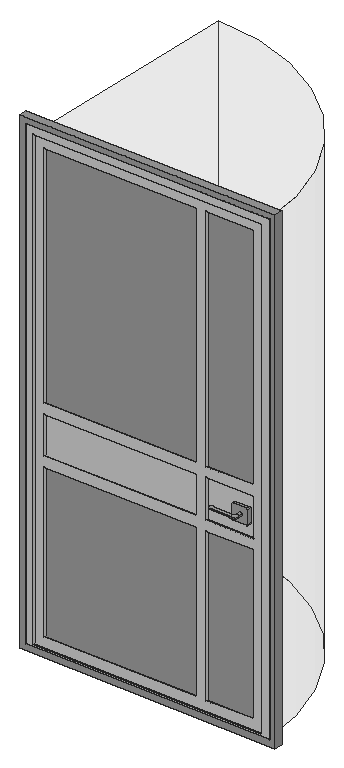
Revit family "AVLN_Дверь_Сетка", category Двери, Revit 2021
Family settings
  Основа = Стена
  Номер OmniClass = 23.30.10.00
  Заголовок OmniClass = Doors
  Всегда вертикально = Да
  При загрузке вырезать с полостями = Нет
  Общий = Нет
  Точка принадлежности помещению = Нет
Parameters (values of type "Для копирования!")
  х1 = if(Левая, (Width - 250 mm - Рама_полотно * 3 - Коробка толщина_Верх * 2 - Монтажный зазор_Верх * 2), 250 mm)  # 250 mm
  Ширина полотна [instance] = Width - Монтажный зазор_Верх * 2 - Коробка толщина_Верх * 2  # 1200 mm
  Тонкая линия проема = yes
  Толщина = 30 mm  # constant formula
  Стекло.Толщина = 15 mm
  Стекло = not([Глухая/Остекленная])  # yes
  Смещение проема [instance] = 0 mm
  Смещение внутрь = 0 mm
  С1 [instance] = if(Смещение проема = 0 mm, 1 mm, 0 mm)  # 1 mm
  Ручка смещение = 110 mm  # constant formula
  Ручка высота = 1000 mm  # constant formula
  Рама_полотно = 50 mm  # constant formula
  Рабочая зона = no
  Rough Width = Width - Монтажный зазор_Верх * 2  # 1280 mm
  Rough Height = Height - Монтажный зазор_Верх  # 2480 mm
  Правая = yes
  Порог_наружный_смещение [instance] = 50 mm
  Порог_внутренний_смещение [instance] = 50 mm
  Порог_внуренний [instance] = no
  Порог [instance] = no
  Определить тепловые свойства по = Тип схем
  Описание = "Индивидуальный дверной блок (лестница) стальной однопольный, с пониженым порогом, с уплотнителем, с доводчиком, с нажимными ручками. Без замка, с ограничителем. Ширина проема в свету не менее 900 мм. Цвет: см. Дизайн-проект."
  Окрывание 30° = yes
  Fire Rating = ""
  Монтажный зазор_Справа = 30 mm
  Монтажный зазор_Слева = 30 mm
  Монтажный зазор_Низ = 30 mm
  Монтажный зазор сверху [instance] = if(Смещение проема = 0 mm, Монтажный зазор_Верх - 1 mm, Монтажный зазор_Верх)  # 29 mm
  Монтажный зазор_Верх = 30 mm
  Матиал_Коробка = Сталь
  Материал_Сетка = Сетка
  Материал_Рабочая зона = none
  Материал_Полотно = Сталь
  Материал_Монтажный зазор = Монтажный зазор
  Материал_Дверной ручки = По умолчанию
  Левая = not(Правая)  # no
  Коробка.Профиль = 1 mm  # constant formula
  Коробка толщина_Низ = 10 mm
  Коробка толщина_Верх = 40 mm  # constant formula
  Комментарии к типоразмеру = "Двери внутренние"
  Заполнение под проемом_Видимость [instance] = if(Смещение проема = 0 mm, 1 = 0, 1 = 1)  # no
  Функция = Внутренние слои
  Группа модели = "Дверь"
  Глухая/Остекленная = no
  Глухая = [Глухая/Остекленная]  # no
  Height = 2510 mm
  Замыкание стены = По основе
  Width = 1340 mm
  Аналитическая конструкция = "<Нет>"
  АВЛН_Проем_Высота [instance] = if(Смещение проема = 0 mm, Height - 1 mm, Height)  # 2509 mm
  ADSK_Размер_Ширина [instance] = Width  # 1340 mm
  ADSK_Размер_Высота [instance] = Height + Смещение проема  # 2510 mm
  ADSK_Примечание [instance] = ""
  ADSK_Позиция [instance] = ""
  ADSK_Обозначение = "ГОСТ 31173-2016"
  ADSK_Наименование = "ДСВ Оп 2090-1100 Прг Л Н П2лс"
  ADSK_Масса = 0
  ADSK_Марка [instance] = "ДВ-21Л"
  ADSK_Количество [instance] = 1
  ADSK_Единица измерения [instance] = "шт."
  2 = Монтажный зазор_Верх * 2 + 100 mm  # 160 mm
Reference planes
  plane 1: y = 0
  plane 2 "По центру (Влево/Вправо)": x = 0
  plane 3 "Слева": x = -670
  plane 4 "Справа": x = 670
  plane 5: z = 2509
  plane 6 "Наружный": y = 150
  plane 7 "Внутренние": y = -150
  plane 8: z = 0
  plane 9: x = -640
  plane 10: x = 640
  plane 11: x = 600
  plane 12: x = -600
  plane 13: z = 2480
  plane 14: z = 2440
  plane 15 "Полотно_Н": y = 150
  plane 16 "Полотно_В": y = 120
  plane 17: z = 0
  plane 18: x = -490
  plane 19: x = 490
  plane 20: z = 1040
  plane 21: z = 1254.5
  plane 22 "Короб_В": y = 110
  plane 23: x = -599
  plane 24: x = 599
  plane 25: z = 2439
  plane 26: y = 1490
  plane 27: x = 550
  plane 28: z = 2390
  plane 29: x = -550
  plane 30: y = 135
  plane 31: y = 142.5
  plane 32: y = 127.5
  plane 33: y = 200
  plane 34: y = -200
  plane 35: z = -1
  plane 36 "Решетка_Смещение_Низ": z = 90
  plane 37 "Решетка_Смещение_Верх": z = 2172.293
  plane 38: y = 1330
  plane 39: x = 300
  plane 40: x = 250
  plane 41 "Короб_Г": z = 40
  plane 42 "Начало": z = 0
  plane 43 "Короб_Е": z = 30
Forms (mm)
  Extrusion 1, solid, material "Сталь" <- "Материал_Полотно", visible <- "Стекло", detail levels fine
    sketch origin (0, 150, 0) x (1, 0, 0) y (0, 0, 1)
      loop
        line (600, 2440) -> (-600, 2440) -> (-600, 40) -> (600, 40) -> (600, 2440)
      loop
        line (550, 2390) -> (300, 2390) -> (300, 1190) -> (550, 1190) -> (550, 2390)
      loop
        line (250, 1190) -> (250, 2390) -> (-550, 2390) -> (-550, 1190) -> (250, 1190)
      loop
        line (250, 890) -> (-550, 890) -> (-550, 90) -> (250, 90) -> (250, 890)
      loop
        line (550, 890) -> (300, 890) -> (300, 90) -> (550, 90) -> (550, 890)
      loop
        line (300, 1140) -> (300, 940) -> (550, 940) -> (550, 1140) -> (300, 1140)
      loop
        line (250, 1140) -> (-550, 1140) -> (-550, 940) -> (250, 940) -> (250, 1140)
    from 0 to 30
  Extrusion 2, solid, material "Сталь" <- "Матиал_Коробка", visible <- "Заполнение под проемом_Видимость", detail levels fine
    sketch origin (0, 150, 0) x (1, 0, 0) y (0, 0, 1)
      loop
        line (670, 0) -> (-670, 0) -> (-670, -1) -> (670, -1) -> (670, 0)
    from 0 to 40
  Extrusion 3, solid, material "Монтажный зазор" <- "Материал_Монтажный зазор"
    sketch origin (0, -150, 0) x (1, 0, 0) y (0, 0, 1)
      loop
        line (-640, 30) -> (640, 30) -> (640, 2480) -> (-640, 2480) -> (-640, 30)
      loop
        line (670, 0) -> (670, 2509) -> (-670, 2509) -> (-670, 0) -> (670, 0)
    from -300 to -260
  Extrusion 4, void
    sketch origin (0, 0, 0) x (1, 0, 0) y (0, 1, 0)
      loop
        line (-670, 1490) -> (-670, 150) -> (670, 150) -> (670, 1490) -> (-670, 1490)
    from 0 to 2509
  Extrusion 5, solid, material "Сетка" <- "Материал_Сетка", visible <- "Стекло", detail levels fine
    sketch origin (0, 150, 0) x (1, 0, 0) y (0, 0, 1)
      loop
        line (550, 2390) -> (300, 2390) -> (300, 1169.5) -> (550, 1169.5) -> (550, 2390)
      loop
        line (-550, 2390) -> (-550, 1169.5) -> (250, 1169.5) -> (250, 2390) -> (-550, 2390)
      loop
        line (550, 90) -> (550, 890) -> (300, 890) -> (300, 90) -> (550, 90)
      loop
        line (250, 90) -> (250, 890) -> (-550, 890) -> (-550, 90) -> (250, 90)
    from 7.5 to 22.5
  Extrusion 6, solid, material "Сталь" <- "Материал_Полотно", visible <- "Глухая"
    sketch origin (0, 150, 0) x (1, 0, 0) y (0, 0, 1)
      loop
        line (600, 2440) -> (-600, 2440) -> (-600, 40) -> (600, 40) -> (600, 2440)
    from 0 to 30
  Extrusion 7, solid, material "Зоны открывания", visible <- "Правая"
    sketch origin (1436.722, 564.195, 0) x (1, 0, 0) y (0, 1, 0)
      loop
        line (-2036.722, -414.195) -> (-836.722, -414.195)
        arc (-836.722, -414.195) -> (-1205.944, 410.495) -> (-2036.722, 765.805) r 1240.234
        line (-2036.722, 765.805) -> (-2036.722, -414.195)
    from 0 to 2440
  Extrusion 8, solid, material "Зоны открывания", visible <- "Левая"
    sketch origin (-1436.722, 564.195, 0) x (-1, 0, 0) y (0, -1, 0)
      loop
        line (-2035.722, 414.195) -> (-2035.722, -765.805)
        arc (-2035.722, -765.805) -> (-1200.025, -415.806) -> (-836.722, 414.195) r 1218.902
        line (-836.722, 414.195) -> (-2035.722, 414.195)
    from 0 to 2440
  Extrusion 9, solid, material "Сталь" <- "Материал_Полотно", visible <- "Стекло", detail levels fine
    sketch origin (0, 150, -250) x (1, 0, 0) y (0, 0, 1)
      loop
        line (550, 1390) -> (300, 1390) -> (300, 1190) -> (550, 1190) -> (550, 1390)
      loop
        line (-550, 1390) -> (-550, 1190) -> (250, 1190) -> (250, 1390) -> (-550, 1390)
    from 7.5 to 22.5
  Extrusion 10, solid, material "Сталь" <- "Матиал_Коробка"
    sketch origin (30, -150, 0) x (1, 0, 0) y (0, 0, 1)
      loop
        line (-630, 40) -> (569, 40) -> (569, 2440) -> (-630, 2440) -> (-630, 40)
      loop
        line (610, 30) -> (610, 2480) -> (-670, 2480) -> (-670, 30) -> (610, 30)
    from -300 to -260
Lines and regions (mm)
  Opening 1
    outline origin (-3050, -150, 0) x (1, 0, 0) y (0, 0, 1)
      loop
        line (2380, -1) -> (3720, -1) -> (3720, 2509) -> (2380, 2509) -> (2380, -1)
  Masking region 1, visible <- "Тонкая линия проема"
    outline origin (95.796, -283.072, 0) x (1, 0, 0) y (0, 1, 0)
      loop
        line (-739.745, 443.072) -> (-765.796, 433.072) -> (-765.796, 133.072) -> (-765.796, 123.072) -> (574.204, 123.072) -> (574.204, 133.072) -> (574.204, 433.072) -> (546.729, 443.072) -> (-739.745, 443.072)
  model lines, style "Открывание_Внутрь", visible <- "Левая"
    curve 1: line (599, 120, 2439) -> (-599, 120, 1254.5)
    curve 2: line (-599, 120, 1254.5) -> (599, 120, 0)
  model lines, style "Открывание_Внутрь", visible <- "Правая"
    curve 3: line (-599, 120, 0) -> (599, 120, 1254.5)
    curve 4: line (599, 120, 1254.5) -> (-599, 120, 2439)
  model lines, style "Открывание_Наружу", visible <- "Правая"
    curve 5: line (-600, 150, 0) -> (599, 150, 1254.5)
    curve 6: line (599, 150, 1254.5) -> (-600, 150, 2440)
  model lines, style "Открывание_Наружу", visible <- "Левая"
    curve 7: line (600, 150, 2440) -> (-599, 150, 1254.5)
    curve 8: line (-599, 150, 1254.5) -> (600, 150, 0)
  model lines, style "Рабочая зона", visible <- "Рабочая зона"
    curve 9: line (-670, 150, 0) -> (-670, 1490, 0)
    curve 10: line (-670, 1490, 0) -> (670, 1490, 0)
    curve 11: line (670, 150, 0) -> (670, 1490, 0)
  symbolic lines, style "Порог", visible <- "Порог_внуренний"
    curve 12: line (-670, -200, 0) -> (670, -200, 0)
  symbolic lines, style "Порог", visible <- "Порог"
    curve 13: line (-670, 200, 0) -> (670, 200, 0)
Text (mm)
  text "Наружный" at (-2295.016, 1099.543, 0), in view "Опорный уровень"
  text "Наружный" at (0, 1615.38, 3698.081), in view "Слева"
  text "Наружный" at (0, 1036.032, 3874.932), in view "Справа"
Dimensions and locks
  equal spacing: plane 3 "Слева", plane 2 "По центру (Влево/Вправо)", plane 4 "Справа"
  "Width": plane 3 "Слева" to plane 4 "Справа"
  host wall to plane 5 = 2973.966 mm
  locked: plane 6 "Наружный" to host wall
  locked: plane 7 "Внутренние" to host wall
  plane 8 to level = 0 mm
  "АВЛН_Проем_Высота": level to plane 5
  "Монтажный зазор_Слева": plane 3 "Слева" to plane 9
  "Монтажный зазор_Справа": plane 10 to plane 4 "Справа"
  "Смещение внутрь": plane 15 "Полотно_Н" to plane 6 "Наружный"
  "Толщина": plane 15 "Полотно_Н" to plane 16 "Полотно_В"
  "Смещение проема": level to plane 17
  "Монтажный зазор сверху": plane 13 to plane 5
  "Коробка толщина_Верх": plane 14 to plane 13
  "Коробка толщина_Верх": plane 12 to plane 9
  "Коробка толщина_Верх": plane 11 to plane 10
  "Смещение проема": level to plane 8
  "Ручка смещение": plane 12 to plane 18
  "Ручка смещение": plane 19 to plane 11
  equal spacing: level, plane 21, plane 5
  equal spacing: plane 7 "Внутренние", plane 1, plane 6 "Наружный"
  "Коробка толщина_Верх": plane 15 "Полотно_Н" to plane 22 "Короб_В"
  "Коробка.Профиль": plane 12 to plane 23
  "Коробка.Профиль": plane 24 to plane 11
  "Коробка.Профиль": plane 14 to plane 25
  "Width": plane 26 to plane 15 "Полотно_Н"
  equal spacing: plane 15 "Полотно_Н", plane 30, plane 16 "Полотно_В"
  equal spacing: plane 32, plane 30, plane 31
  "Стекло.Толщина": plane 32 to plane 31
  "Порог_наружный_смещение": plane 6 "Наружный" to plane 33
  "Порог_внутренний_смещение": plane 34 to plane 7 "Внутренние"
  "С1": plane 8 to plane 35
  "Рама_полотно": plane 36 "Решетка_Смещение_Низ" to plane 41 "Короб_Г"
  "2": plane 26 to plane 38
  level to plane 14 = 2440 mm
  "Рама_полотно": plane 28 to plane 14
  "Рама_полотно": plane 27 to plane 11
  "Рама_полотно": plane 29 to plane 12
  "Рама_полотно": plane 40 to plane 39
  "х1": plane 39 to plane 27
  plane 29 to plane 40 = 800 mm
  plane 12 to plane 11 = 1200 mm
  Extrusion 1 to Extrusion 1 = 1100 mm
  plane 9 to plane 3 "Слева" = 30 mm
  plane 4 "Справа" to plane 10 = 30 mm
  "Коробка толщина_Низ": plane 41 "Короб_Г" to plane 43 "Короб_Е"
  "Монтажный зазор_Низ": plane 43 "Короб_Е" to plane 42 "Начало"
  equal spacing: Extrusion 1 sketch curve, plane 20, Extrusion 1 sketch curve  (x2)
  locked: Extrusion 1 sketch curve to Extrusion 1 sketch curve at 200  (x2)
  "Рама_полотно": Extrusion 1 sketch curve to Extrusion 1 sketch curve  (x4)
  "Ручка высота": plane 20 to plane 41 "Короб_Г"
  aligned and locked: plane 3 "Слева" to Opening 1 sketch curve
  aligned and locked: Opening 1 sketch curve to plane 4 "Справа"
  aligned and locked: plane 1 to host wall
  aligned and locked: Extrusion 1 to plane 16 "Полотно_В"
  aligned and locked: plane 15 "Полотно_Н" to Extrusion 1
  aligned and locked: level to Extrusion 2 sketch curve
  aligned and locked: Extrusion 2 sketch curve to plane 4 "Справа"
  aligned and locked: Extrusion 2 sketch curve to host wall
  aligned and locked: nested 1 to plane 16 "Полотно_В"
  aligned and locked: nested 2 to plane 15 "Полотно_Н"
  aligned and locked: plane 15 "Полотно_Н" to nested 4
  aligned and locked: plane 16 "Полотно_В" to nested 3
  aligned and locked: plane 5 to Opening 1 sketch curve
  aligned and locked: plane 14 to Extrusion 1 sketch curve
  aligned and locked: Extrusion 3 sketch curve to plane 4 "Справа"
  aligned and locked: Extrusion 3 sketch curve to plane 10
  aligned and locked: Extrusion 3 sketch curve to plane 5
  aligned and locked: Extrusion 3 sketch curve to plane 13
  aligned and locked: plane 3 "Слева" to Extrusion 3 sketch curve
  aligned and locked: plane 9 to Extrusion 3 sketch curve
  aligned and locked: nested 2 to plane 20
  aligned and locked: plane 20 to nested 4
  aligned and locked: plane 20 to nested 1
  aligned and locked: nested 3 to plane 20
  aligned and locked: plane 19 to nested 4
  aligned and locked: plane 18 to nested 2
  aligned and locked: nested 3 to plane 19
  aligned and locked: nested 1 to plane 18
  aligned and locked: nested 5 to plane 4 "Справа"
  aligned and locked: nested 5 to plane 3 "Слева"
  aligned and locked: nested 5 to plane 15 "Полотно_Н"
  aligned and locked: nested 6 to plane 3 "Слева"
  aligned and locked: nested 6 to plane 4 "Справа"
  aligned and locked: plane 15 "Полотно_Н" to nested 6
  aligned and locked: Extrusion 3 to plane 22 "Короб_В"
  aligned and locked: plane 15 "Полотно_Н" to Extrusion 3
  aligned and locked: plane 23 to curve 4
  aligned and locked: plane 25 to curve 4
  aligned and locked: plane 25 to curve 1
  aligned and locked: plane 24 to curve 1
  aligned and locked: plane 23 to curve 1
  aligned and locked: plane 21 to curve 2
  aligned and locked: plane 24 to curve 4
  aligned and locked: plane 21 to curve 3
  aligned and locked: level to curve 3
  aligned and locked: level to curve 2
  aligned and locked: curve 9 to plane 3 "Слева"
  aligned and locked: curve 10 to plane 26
  aligned and locked: curve 11 to plane 4 "Справа"
  aligned and locked: plane 15 "Полотно_Н" to curve 9
  aligned and locked: plane 15 "Полотно_Н" to curve 11
  aligned and locked: Extrusion 4 sketch curve to plane 26
  aligned and locked: Extrusion 4 sketch curve to plane 3 "Слева"
  aligned and locked: Extrusion 4 sketch curve to plane 15 "Полотно_Н"
  aligned and locked: Extrusion 4 sketch curve to plane 4 "Справа"
  aligned and locked: Extrusion 4 to plane 5
  aligned and locked: plane 32 to Extrusion 5
  aligned and locked: plane 31 to Extrusion 5
  aligned and locked: plane 11 to Extrusion 6 sketch curve
  aligned and locked: plane 14 to Extrusion 6 sketch curve
  aligned and locked: plane 12 to Extrusion 6 sketch curve
  aligned and locked: plane 15 "Полотно_Н" to Extrusion 6
  aligned and locked: Extrusion 6 to plane 16 "Полотно_В"
  aligned and locked: curve 6 to curve 4
  aligned and locked: curve 8 to curve 2
  aligned and locked: Masking region 1 sketch curve to curve 9
  aligned and locked: Extrusion 1 to Masking region 1 sketch curve
  aligned and locked: plane 6 "Наружный" to Masking region 1 sketch curve
  aligned and locked: host wall to Masking region 1 sketch curve  (x2)
  aligned and locked: plane 3 "Слева" to Masking region 1
  aligned and locked: Masking region 1 to plane 4 "Справа"
  aligned and locked: plane 3 "Слева" to curve 13
  aligned and locked: plane 4 "Справа" to curve 13
  aligned and locked: curve 13 to plane 33
  aligned and locked: curve 12 to plane 34
  aligned and locked: Extrusion 2 to plane 35
  aligned and locked: Extrusion 4 to plane 8
  aligned and locked: Opening 1 sketch curve to plane 35
  aligned and locked: Extrusion 7 sketch curve to plane 12
  aligned and locked: plane 6 "Наружный" to Extrusion 7 sketch curve
  aligned and locked: plane 11 to Extrusion 7 sketch curve
  aligned and locked: plane 38 to Extrusion 7 sketch curve
  aligned and locked: Extrusion 7 to level
  aligned and locked: plane 14 to Extrusion 7
  aligned and locked: Extrusion 8 sketch curve to plane 24
  aligned and locked: Extrusion 2 to Extrusion 8 sketch curve
  aligned and locked: plane 12 to Extrusion 8 sketch curve
  aligned and locked: plane 38 to Extrusion 8 sketch curve
  aligned and locked: Extrusion 8 to Extrusion 7
  aligned and locked: Extrusion 8 to level
  aligned and locked: Extrusion 1 sketch curve to plane 28
  aligned and locked: plane 28 to Extrusion 1 sketch curve
  aligned and locked: Extrusion 1 sketch curve to plane 29  (x2)
  aligned and locked: plane 29 to Extrusion 1 sketch curve
  aligned and locked: Extrusion 1 sketch curve to plane 27  (x2)
  aligned and locked: plane 36 "Решетка_Смещение_Низ" to Extrusion 1 sketch curve  (x2)
  aligned and locked: Extrusion 5 sketch curve to plane 28  (x2)
  aligned and locked: Extrusion 5 sketch curve to plane 36 "Решетка_Смещение_Низ"  (x2)
  aligned and locked: plane 27 to Extrusion 5 sketch curve
  aligned and locked: Extrusion 5 sketch curve to plane 27
  aligned and locked: plane 29 to Extrusion 5 sketch curve  (x2)
  aligned and locked: plane 27 to Extrusion 1 sketch curve
  aligned and locked: Extrusion 1 sketch curve to plane 40  (x3)
  aligned and locked: Extrusion 1 sketch curve to plane 39  (x2)
  aligned and locked: plane 39 to Extrusion 1 sketch curve
  aligned and locked: plane 40 to Extrusion 5 sketch curve
  aligned and locked: Extrusion 5 sketch curve to plane 40
  aligned and locked: plane 27 to Extrusion 9 sketch curve
  aligned and locked: plane 39 to Extrusion 9 sketch curve
  aligned and locked: plane 40 to Extrusion 9 sketch curve
  aligned and locked: plane 29 to Extrusion 9 sketch curve
  aligned and locked: plane 39 to Extrusion 5 sketch curve
  aligned and locked: Extrusion 5 sketch curve to plane 39
  aligned and locked: Extrusion 5 to Extrusion 9
  aligned and locked: plane 31 to Extrusion 9
  aligned and locked: plane 32 to Extrusion 9
  aligned and locked: plane 41 "Короб_Г" to Extrusion 6 sketch curve
  aligned and locked: Extrusion 1 to plane 41 "Короб_Г"
  aligned and locked: Extrusion 10 sketch curve to Extrusion 6
  aligned and locked: plane 10 to Extrusion 10 sketch curve
  aligned and locked: plane 24 to Extrusion 10 sketch curve
  aligned and locked: Extrusion 10 sketch curve to plane 13
  aligned and locked: Extrusion 10 sketch curve to plane 14
  aligned and locked: Extrusion 10 sketch curve to plane 43 "Короб_Е"
  aligned and locked: plane 41 "Короб_Г" to Extrusion 10 sketch curve
Automatic sketch dimensions
  plane 12 to Extrusion 1 sketch curve = 0 mm
  plane 11 to Extrusion 1 sketch curve = 0 mm
  Extrusion 1 sketch curve to plane 41 "Короб_Г" = 0 mm
  Extrusion 2 sketch curve to plane 8 = 1 mm
  curve 12 to plane 3 "Слева" = 0 mm
  curve 12 to plane 4 "Справа" = 0 mm
  plane 11 to curve 7 = 0 mm
  curve 8 to level = 0 mm
  plane 11 to curve 8 = 0 mm
  curve 6 to plane 21 = 0 mm
  curve 7 to plane 21 = 0 mm
  plane 12 to curve 6 = 0 mm
  curve 5 to level = 0 mm
  plane 12 to curve 5 = 0 mm
  curve 7 to plane 14 = 0 mm
  curve 6 to plane 14 = 0 mm
  plane 24 to curve 2 = 0 mm
  curve 3 to plane 23 = 0 mm
  Extrusion 5 sketch curve to plane 20 = 150 mm  (x2)
  Extrusion 5 sketch curve to plane 21 = 85 mm
  Extrusion 5 sketch curve to Extrusion 5 sketch curve = 0 mm
  Masking region 1 sketch curve to plane 4 "Справа" = 0 mm
  Masking region 1 sketch curve to plane 9 = 3.949 mm
  plane 10 to Masking region 1 sketch curve = 2.525 mm
  host wall to Masking region 1 sketch curve = 10 mm  (x2)
  plane 9 to Extrusion 7 sketch curve = 1.2 mm
  plane 22 "Короб_В" to Extrusion 8 sketch curve = 1.25 mm
  Extrusion 9 sketch curve to plane 20 = 100 mm
  Extrusion 9 sketch curve to Extrusion 9 sketch curve = 0 mm
  plane 20 to Extrusion 9 sketch curve = 100 mm  (x2)
  Extrusion 10 sketch curve to plane 9 = 0 mm
  Extrusion 3 sketch curve to plane 43 "Короб_Е" = 0 mm
  Extrusion 3 sketch curve to level = 0 mm
Nested families
  nested 1: "Дв_Дверная ручка_Квадрат" at (-490, 120, 0), visible <- "Левая", type "Дв_Дверная ручка_Квадрат", detail levels fine
  nested 2: "Дв_Дверная ручка_Квадрат" at (-490, 150, 0), visible <- "Левая", type "Дв_Дверная ручка_Квадрат", detail levels fine
  nested 3: "Дв_Дверная ручка_Квадрат" at (490, 120, 0) x (-1, 0, 0) z (0, 0, 1), visible <- "Правая", type "Дв_Дверная ручка_Квадрат", detail levels fine
  nested 4: "Дв_Дверная ручка_Квадрат" at (490, 150, 0) x (-1, 0, 0) z (0, 0, 1), visible <- "Правая", type "Дв_Дверная ручка_Квадрат", detail levels fine
  nested 5: "АС-Однопольная-Обозначение на плане" at (0, 150, -1), Width <- "Width", Толщина <- "Толщина", Коробка.Толщина <- "Коробка толщина_Верх", Height <- "Rough Height", Полотно.Ширина <- "Ширина полотна", Rough Width <- "Rough Width", visible <- "Левая", Коробка.Ширина <- "Коробка.Профиль", type "АС-Стандарт"
    with Width 1340 mm, Толщина 30 mm, Rough Width 1280 mm, Полотно.Ширина 1200 mm, Коробка.Ширина 1 mm, Коробка.Толщина 40 mm, Height 2480 mm
  nested 6: "АС-Однопольная-Обозначение на плане" at (0, 150, -1) x (-1, 0, 0) z (0, 0, 1), Width <- "Width", Толщина <- "Толщина", Коробка.Толщина <- "Коробка толщина_Верх", Height <- "Rough Height", Полотно.Ширина <- "Ширина полотна", Rough Width <- "Rough Width", visible <- "Правая", Коробка.Ширина <- "Коробка.Профиль", type "АС-Стандарт"
    with Width 1340 mm, Толщина 30 mm, Rough Width 1280 mm, Полотно.Ширина 1200 mm, Коробка.Ширина 1 mm, Коробка.Толщина 40 mm, Height 2480 mm
Definition of nested family "Дв_Дверная ручка_Квадрат"
  Parameters (values of type "Дв_Дверная ручка_Квадрат")
    Define Thermal Properties by = 1
    Материал дверной ручки = none
    Высота расположения дверной ручки [instance] = 1040 mm
    Analytic Construction = "<Нет>"
  Reference planes
    plane 1 "По центру (Вперед/Назад)": y = 0
    plane 2: z = 0
    plane 3 "По центру (Влево/Вправо)": x = 0
    plane 4: z = 1040
    plane 5: x = -41.434
    plane 6: x = 41.434
    plane 7: z = 1080
    plane 8: z = 1000
    plane 9: y = -15
  Forms (mm)
    Extrusion 1, solid, material <- "Материал дверной ручки"
      sketch origin (0, 0, 0) x (1, 0, 0) y (0, 0, 1)
        loop
          arc (-36.434, 1080) -> (-39.969, 1078.536) -> (-41.434, 1075) r 5
          line (-41.434, 1075) -> (-41.434, 1005)
          arc (-41.434, 1005) -> (-39.969, 1001.464) -> (-36.434, 1000) r 5
          line (-36.434, 1000) -> (36.434, 1000)
          arc (36.434, 1000) -> (39.969, 1001.464) -> (41.434, 1005) r 5
          line (41.434, 1005) -> (41.434, 1075)
          arc (41.434, 1075) -> (39.969, 1078.536) -> (36.434, 1080) r 5
          line (36.434, 1080) -> (-36.434, 1080)
      from 0 to 15
    Sweep 2, solid, material <- "Материал дверной ручки"
      path origin (0, 0, 0) x (1, 0, 0) y (0, 1, 0)
        loop
          line (0, -15) -> (0, -38.261)
          arc (0, -38.261) -> (2.929, -45.332) -> (10, -48.261) r 10
          line (10, -48.261) -> (130, -48.261)
      profile origin (0, -26.63, 0) x (1, 0, 0) y (0, 0, 1)
        loop
          circle (0, 1040) r 8
  Dimensions and locks
    "Высота расположения дверной ручки": plane 4 to level
    plane 7 to plane 8 = 80 mm
    plane 6 to plane 5 = 82.868 mm
    equal spacing: plane 6, plane 3 "По центру (Влево/Вправо)", plane 5
    locked: plane 1 "По центру (Вперед/Назад)" to plane 9 at 15
    aligned and locked: level to plane 2
    aligned and locked: Extrusion 1 sketch curve to plane 7
    aligned and locked: plane 5 to Extrusion 1 sketch curve
    aligned and locked: plane 8 to Extrusion 1 sketch curve
    aligned and locked: Extrusion 1 sketch curve to plane 6
    aligned and locked: Extrusion 1 to plane 1 "По центру (Вперед/Назад)"
    aligned and locked: plane 4 to Sweep 2
  Automatic sketch dimensions
    Sweep 2 sketch curve to plane 3 "По центру (Влево/Вправо)" = 0 mm
    plane 9 to Sweep 2 sketch curve = 0 mm
    Sweep 2 sketch curve to Sweep 2 sketch curve = 10 mm
    Sweep 2 sketch curve to Sweep 2 sketch curve = 23.261 mm
    Sweep 2 sketch curve to Sweep 2 sketch curve = 120 mm
    profile plane to Sweep 2 sketch curve = 0 mm
    level to Sweep 2 sketch curve = 1040 mm
    Extrusion 1 sketch curve to Extrusion 1 sketch curve = 5 mm  (x3)
    plane 5 to Extrusion 1 sketch curve = 5 mm
    radius of Sweep 2 sketch curve = 8 mm
Definition of nested family "АС-Однопольная-Обозначение на плане"
  Parameters (values of type "АС-Стандарт")
    Полотно.Ширина [instance] = 900 mm
    Открывание двери 90 = not(Открывание двери 30)  # no
    Открывание двери 30 = yes
    Линия открывания (дуга) = not(Открывание двери 30)  # no
    Коробка.Ширина [instance] = 40 mm
    Коробка.Толщина [instance] = 80 mm
    Width [instance] = 1000 mm
    Thickness [instance] = 40 mm
    Rough Width [instance] = 960 mm
    Height [instance] = 2100 mm
    Default Elevation = 0 mm
    Analytic Construction = "<Нет>"
  Reference planes
    plane 1 "Center (Front/Back)": y = 0
    plane 2: z = 0
    plane 3 "Center (Left/Right)": x = 0
    plane 4 "Полотно.Слева": x = -480
    plane 5 "Полотно справа": x = 480
    plane 6 "Проем.Слева": x = -500
    plane 7 "Проем.Справа": x = 500
    plane 8 "Полотно. Внутренняя сторона": y = -40
    plane 9 "Коробка. Внутренняя сторона": y = -80
    plane 10 "Коробка.Внутренняя сторона слева": x = -450
    plane 11 "Коробка. Внутренняя сторона справа": x = 450
    plane 12 "2": x = -410
    plane 13 "3": x = 410
  Lines and regions (mm)
    Masking region 1, detail levels fine
      outline origin (0, 0, 0) x (1, 0, 0) y (0, 1, 0)
        loop
          line (-500, -80) -> (-480, -80) -> (-480, 0) -> (-500, 0) -> (-500, -80)
    Masking region 2, detail levels fine
      outline origin (0, 0, 0) x (1, 0, 0) y (0, 1, 0)
        loop
          line (500, -80) -> (500, 0) -> (480, 0) -> (480, -80) -> (500, -80)
    Masking region 3, detail levels fine
      outline origin (0, 0, 0) x (1, 0, 0) y (0, 1, 0)
        loop
          line (-480, 0) -> (-480, -80) -> (-410, -80) -> (-410, -40) -> (-450, -40) -> (-450, 0) -> (-480, 0)
    Masking region 4, detail levels fine
      outline origin (0, 0, 0) x (1, 0, 0) y (0, 1, 0)
        loop
          line (480, 0) -> (450, 0) -> (450, -40) -> (410, -40) -> (410, -80) -> (480, -80) -> (480, 0)
    Masking region 5, visible <- "Открывание двери 90", detail levels fine
      outline origin (0, 0, 0) x (1, 0, 0) y (0, 1, 0)
        loop
          line (450, 0) -> (450, 900) -> (410, 900) -> (410, 0) -> (450, 0)
    Masking region 6, visible <- "Открывание двери 30", detail levels fine
      outline origin (0, 0, 0) x (1, 0, 0) y (0, 1, 0)
        loop
          line (450, 0) -> (-329.423, 450) -> (-349.423, 415.359) -> (430, -34.641) -> (450, 0)
    symbolic lines, visible <- "Открывание двери 30", detail levels coarse+medium
      curve 1: line (500, 0, 0) -> (-366.025, 500, 0)
    symbolic lines, visible <- "Открывание двери 90", detail levels coarse+medium
      curve 2: line (500, 0, 0) -> (500, 1000, 0)
    symbolic lines, visible <- "Линия открывания (дуга)", detail levels coarse+medium
      curve 3: arc (500, 1000, 0) -> (-207.107, 707.107, 0) -> (-500, 0, 0) r 1000
    symbolic lines, visible <- "Линия открывания (дуга)", detail levels fine
      curve 4: arc (-450, 0, 0) -> (-186.396, 636.396, 0) -> (450, 900, 0) r 900
    model lines, not visible
      curve 5: line (0, 0, 0) -> (0, 0, 2100)
  Dimensions and locks
    "Thickness": plane 1 "Center (Front/Back)" to plane 8 "Полотно. Внутренняя сторона"  (x2)
    equal spacing: plane 4 "Полотно.Слева", plane 3 "Center (Left/Right)", plane 5 "Полотно справа"
    equal spacing: plane 6 "Проем.Слева", plane 3 "Center (Left/Right)", plane 7 "Проем.Справа"
    "Width": plane 6 "Проем.Слева" to plane 7 "Проем.Справа"
    "Rough Width": plane 4 "Полотно.Слева" to plane 5 "Полотно справа"
    plane 1 "Center (Front/Back)" to plane 9 "Коробка. Внутренняя сторона" = 80 mm
    "Коробка.Толщина": plane 9 "Коробка. Внутренняя сторона" to plane 1 "Center (Front/Back)"
    equal spacing: plane 10 "Коробка.Внутренняя сторона слева", plane 3 "Center (Left/Right)", plane 11 "Коробка. Внутренняя сторона справа"
    "Полотно.Ширина": plane 10 "Коробка.Внутренняя сторона слева" to plane 11 "Коробка. Внутренняя сторона справа"
    "Width": curve 1 to curve 1
    "Width": plane 1 "Center (Front/Back)" to curve 2
    "Коробка.Ширина": plane 10 "Коробка.Внутренняя сторона слева" to Masking region 3 sketch curve
    "Коробка.Ширина": Masking region 4 sketch curve to Masking region 4 sketch curve
    "Полотно.Ширина": plane 1 "Center (Front/Back)" to Masking region 5 sketch curve
    "Thickness": Masking region 5 sketch curve to plane 11 "Коробка. Внутренняя сторона справа"
    "Полотно.Ширина": Masking region 6 sketch curve to Masking region 6 sketch curve
    "Thickness": Masking region 6 sketch curve to Masking region 6 sketch curve
    "Height": curve 5 to level
    "Thickness": Masking region 5 to plane 11 "Коробка. Внутренняя сторона справа"
    "Thickness": Masking region 6 to Masking region 6
    "Коробка.Ширина": plane 10 "Коробка.Внутренняя сторона слева" to plane 12 "2"
    "Коробка.Ширина": plane 13 "3" to plane 11 "Коробка. Внутренняя сторона справа"
    "Width": radius of curve 3
    "Полотно.Ширина": radius of curve 4
    locked: curve 1 to plane 1 "Center (Front/Back)" (angle 30.00°)
    locked: Masking region 6 sketch curve to plane 1 "Center (Front/Back)" (angle 30.00°)
    aligned and locked: level to plane 2
    aligned and locked: plane 7 "Проем.Справа" to curve 2
    aligned and locked: plane 1 "Center (Front/Back)" to curve 2
    aligned and locked: Masking region 1 sketch curve to plane 9 "Коробка. Внутренняя сторона"
    aligned and locked: plane 6 "Проем.Слева" to Masking region 1 sketch curve
    aligned and locked: Masking region 1 sketch curve to plane 1 "Center (Front/Back)"
    aligned and locked: plane 4 "Полотно.Слева" to Masking region 1 sketch curve
    aligned and locked: plane 9 "Коробка. Внутренняя сторона" to Masking region 2 sketch curve
    aligned and locked: Masking region 2 sketch curve to plane 7 "Проем.Справа"
    aligned and locked: plane 1 "Center (Front/Back)" to Masking region 2 sketch curve
    aligned and locked: plane 5 "Полотно справа" to Masking region 2 sketch curve
    aligned and locked: Masking region 3 sketch curve to plane 4 "Полотно.Слева"
    aligned and locked: Masking region 3 sketch curve to plane 10 "Коробка.Внутренняя сторона слева"
    aligned and locked: Masking region 3 sketch curve to plane 1 "Center (Front/Back)"
    aligned and locked: Masking region 3 sketch curve to plane 9 "Коробка. Внутренняя сторона"
    aligned and locked: Masking region 3 sketch curve to plane 8 "Полотно. Внутренняя сторона"
    aligned and locked: Masking region 4 sketch curve to plane 5 "Полотно справа"
    aligned and locked: Masking region 4 sketch curve to plane 11 "Коробка. Внутренняя сторона справа"
    aligned and locked: Masking region 4 sketch curve to plane 9 "Коробка. Внутренняя сторона"
    aligned and locked: Masking region 4 sketch curve to plane 8 "Полотно. Внутренняя сторона"
    aligned and locked: Masking region 4 sketch curve to plane 1 "Center (Front/Back)"
    aligned and locked: curve 4 to Masking region 3
    aligned and locked: plane 11 "Коробка. Внутренняя сторона справа" to curve 4
    aligned and locked: Masking region 4 to Masking region 5 sketch curve
    aligned and locked: Masking region 5 sketch curve to Masking region 4
    aligned and locked: plane 11 "Коробка. Внутренняя сторона справа" to Masking region 6 sketch curve
    aligned and locked: plane 2 to curve 5
    aligned and locked: plane 3 "Center (Left/Right)" to curve 5
    aligned and locked: plane 11 "Коробка. Внутренняя сторона справа" to Masking region 5
    aligned and locked: plane 1 "Center (Front/Back)" to Masking region 5
  Automatic sketch dimensions
    plane 1 "Center (Front/Back)" to Masking region 6 sketch curve = 0 mm
